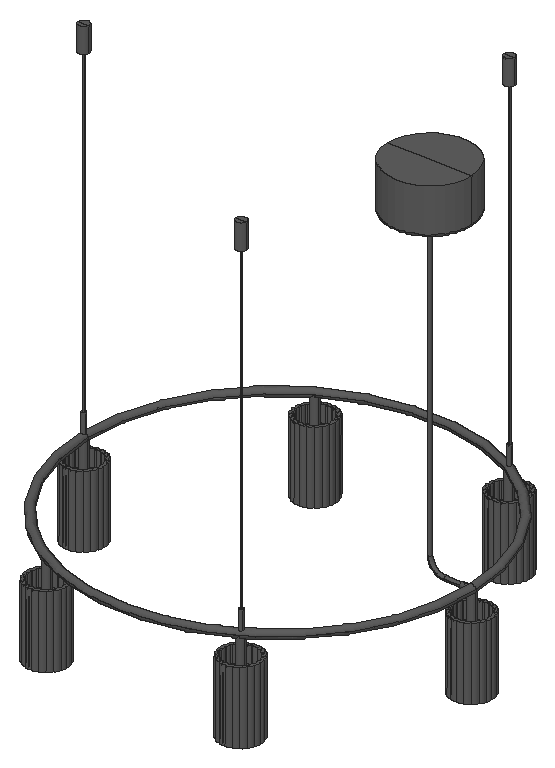
Revit family "Lighting_Pendants_Pholc_Donna_Circle-600", category Lighting Fixtures, host Ceiling, Revit 2017
Family settings
  Host = Ceiling
  Round Connector Dimension = Use Diameter
  Part Type = Normal
  Always vertical = Yes
  Cut with Voids When Loaded = No
  Light Source = No
  Shared = No
  Room Calculation Point = No
Parameters (values of type "Donna Pendant Circle 600 - Black Ink")
  Wattage Comments = ""
  WarrantyStartDate = "n/a"
  WarrantyGuarantorParts = "n/a"
  WarrantyGuarantorLabor = "n/a"
  WarrantyDurationUnit = "Years"
  WarrantyDurationParts = "n/a"
  WarrantyDurationLabor = "n/a"
  WarrantyDescription = "n/a"
  VersionDate = "21/04/2020"  # constant formula
  Version = "1"  # constant formula
  UsageCurrent = 0 A
  Uniclass2015Reference = "Pr_70_70_48_86"
  Uniclass2015Description = "Suspended luminaires"
  Uniclass2 = "Pr_70_70_49_86"
  URL = "https://www.pholc.se/our-products/donna-circle-60/"
  TotalWattage = 7 W
  TagNumber [instance] = "n/a"
  SustainabilityPerformance = "n/a"
  Size = "600x600x140 mm"
  Shape = "Sculptured"
  SerialNumber [instance] = "n/a"
  Revision = "n/a"
  ReplacementCost = "n/a"
  ProductInformation = "The Donna pendant lamp projects the feeling of a soft pleated textile, although it’s actually made from thin, light aluminium."
  PhaseReference = "n/a"
  PhaseAngle = 0.00°
  NumberOfSources = 1
  NumberOfPoles = 1
  NominalVoltageCalc = 230 V
  NominalVoltage = 230 V
  NominalLength = 663.361 mm
  NominalHeight [instance] = 214 mm + CableLengthControl  # 714 mm
  NominalFrequencyRange = 0 Hz
  NominalDepth = 612.001 mm
  NominalCurrent = 0 A
  Name = "Pholc_Donna_Circle-600"
  NBSReference = "90-60-50/405"
  NBSDescription = "General purpose luminaires"
  ModelReference = ArticleNumber  # "963165"
  ModelNumber = "n/a"
  Model = "Donna Pendant Circle 600 - Black Ink"
  Material = "Aluminium & textile"
  ManufacturersSpecificInformation = "n/a"
  ManufacturerURL = "www.pholc.se/"
  ManufacturerName = "Pholc"
  Manufacturer = "Pholc"
  MaintenanceFactor = 0
  LightFixturePlacingType = "Ceilling"
  LightFixtureMountingType = "Suspended"
  LightFixtureMainMaterial = Black ink
  Lamp = ""
  InsulationStandardClass = "Class II"
  InstallationDate = "n/a"
  IfcExportType = "NOTDEFINED"  # constant formula
  IfcExportAs = "IfcLightFixtureType"  # constant formula
  IP_Code = "IP 20"
  HasProtectiveEarth = no
  Grade = "n/a"
  Finish = "n/a"
  Features = "Textile cable. Cable length 500 cm. Socket GU10."
  ExpectedLife = "n/a"
  ElectricalDeviceNominalPower = 7 W
  DurationUnit = "Hours"
  Designer = "Nina Jobs & Stina Sandwall"
  Description = "The Donna pendant lamp projects the feeling of a soft pleated textile, although it’s actually made from thin, light aluminium. Its form is inspired by the chic fabrics used in high fashion and the challenges of creating this softness using a hard material instead of a textile. A beautiful and versatile piece with an expressive personality; equally at home in all environments. For larger spaces the Donna Line and Donna Circle can be selected in four, six or eight lamp variants, casting a warm direct light downwards."
  DefaultElevation = 0 mm
  ConvergoRefNr = "0103-1912-0003-SE"
  Constituents = "n/a"
  Color = "Black Ink"
  Collection = "Donna"
  built-in parameter 1114216 [instance] = (empty or 0)
  CodePerformance = "n/a"
  Category = "Pendant"
  CableLengthControl [instance] = if(CableLength < 200 mm, 200 mm, if(CableLength > 5000 mm, 5000 mm, CableLength))  # 500 mm
  CableLength [instance] = 500 mm
  Brand = "Pholc"
  Barcode [instance] = "n/a"
  BIMObjectName = "Lighting_Pendants_Pholc_Donna_Circle-600"
  Author = "Convergo AB"  # constant formula
  AssetType = "Fixed"
  AssetIdentifier [instance] = "n/a"
  ArticleNumber = "963165"
  Apparent Load = 0 VA
  AccessibilityPerformance = "n/a"
Reference planes
  plane 1 "Center (Front/Back)": y = 0
  plane 2: z = 0
  plane 3 "Center (Left/Right)": x = 0
  plane 4 "Ceiling": z = 4000
  plane 5: x = -331.681
  plane 6: x = 331.681
  plane 7: y = 306.001
  plane 8: y = -306.001
  plane 9: z = 3286
Dimensions and locks
  equal spacing: host sketch curve, plane 3 "Center (Left/Right)", host sketch curve
  equal spacing: host sketch curve, plane 1 "Center (Front/Back)", host sketch curve
  host sketch curve to host sketch curve = 4000 mm  (x2)
  plane 4 "Ceiling" to host ceiling = 0 mm
  equal spacing: plane 5, plane 3 "Center (Left/Right)", plane 6
  "NominalLength": plane 5 to plane 6
  equal spacing: plane 7, plane 1 "Center (Front/Back)", plane 8
  "NominalDepth": plane 7 to plane 8
  "NominalHeight": plane 9 to plane 4 "Ceiling"
  aligned and locked: nested 1 to plane 3 "Center (Left/Right)"
  aligned and locked: nested 1 to plane 1 "Center (Front/Back)"
  aligned and locked: nested 1 to plane 4 "Ceiling"
Nested families
  nested 1: "Donna_Circle_600" at (0, 0, 3286), CableLength <- "CableLengthControl", Metal <- "LightFixtureMainMaterial", Cable <- "LightFixtureMainMaterial", type "Donna_Circle_600"
    with Metal Black ink, CableLength 500 mm, Cable Black ink
Connectors
  electrical at (235, 0, 4000), driven by "NominalVoltage"
    settings: on nested 1, index 1, voltage 230 V, apparent load 0 VA, apparent load phase1 0 VA, apparent load phase2 0 VA, apparent load phase3 0 VA, power factor 1, load classification "Other", number of poles 1, system type 31, power factor state 1, is connector primary yes, connector utility no, sub classification motor no, connector description ""
Definition of nested family "Donna_Circle_600"
  Parameters (values of type "Donna_Circle_600")
    Metal [instance] = none
    CableLength [instance] = 500 mm
    Cable [instance] = none
  Reference planes
    plane 1 "Center (Front/Back)": y = 0
    plane 2: z = 0
    plane 3 "Center (Left/Right)": x = 0
    plane 4: z = 714
    plane 5: z = 676
    plane 6: z = 644
    plane 7: z = 176
    plane 8: x = -331.681
    plane 9: x = 331.681
    plane 10: y = 306.001
    plane 11: y = -306.001
  Forms (mm)
    Revolve 1, solid, material <- "Metal", detail levels medium+fine
      sketch origin (0, 0, 0) x (1, 0, 0) y (0, 0, 1)
        loop
          line (-308, 714) -> (-308, 676) -> (-300, 676) -> (-300, 714) -> (-308, 714)
        loop
          line (-303, 176) -> (-303, 141) -> (-300, 141) -> (-300, 176) -> (-303, 176)
        axis (-300, 141) -> (-300, 714)
      angle from 0 to 360
    Revolve 2, solid, material <- "Metal", detail levels medium+fine
      sketch origin (450.902, 259.285, 0) x (1, 0, 0) y (0, 0, 1)
        loop
          line (-308, 714) -> (-308, 676) -> (-300, 676) -> (-300, 714) -> (-308, 714)
        loop
          line (-300, 176) -> (-303, 176) -> (-303, 141) -> (-300, 141) -> (-300, 176)
        axis (-300, 141) -> (-300, 714)
      angle from 0 to 360
    Revolve 3, solid, material <- "Metal", detail levels medium+fine
      sketch origin (450.902, -259.285, 0) x (1, 0, 0) y (0, 0, 1)
        loop
          line (-308, 714) -> (-308, 676) -> (-300, 676) -> (-300, 714) -> (-308, 714)
        loop
          line (-303, 176) -> (-303, 141) -> (-300, 141) -> (-300, 176) -> (-303, 176)
        axis (-300, 141) -> (-300, 714)
      angle from 0 to 360
    Revolve 4, solid, material <- "Metal", detail levels medium+fine
      sketch origin (0, 0, 0) x (1, 0, 0) y (0, 0, 1)
        loop
          line (170, 714) -> (170, 646)
          arc (170, 646) -> (170.586, 644.586) -> (172, 644) r 2
          line (172, 644) -> (235, 644) -> (235, 714) -> (170, 714)
        axis (235, 714) -> (235, 644)
      angle from 0 to 360
    Revolve 5, solid, material <- "Metal", detail levels medium+fine
      sketch origin (0, 0, 0) x (1, 0, 0) y (0, 0, 1)
        loop
          circle (-300, 142) r 6.001
        axis (0, 142) -> (0, 141)
      angle from 0 to 360
    Sweep 6, solid, material <- "Cable", detail levels medium+fine
      path origin (0, 0, 0) x (1, 0, 0) y (0, 0, 1)
        loop
          line (235, 676) -> (235, 167)
          arc (235, 167) -> (242.322, 149.322) -> (260, 142) r 25
          line (260, 142) -> (290, 142)
      profile origin (235, 0, 421.5) x (0, -1, 0) y (1, 0, 0)
        loop
          circle (0, 0) r 3
    Revolve 7, solid, material <- "Metal", detail levels medium+fine
      sketch origin (0, 0, 0) x (1, 0, 0) y (0, 0, 1)
        loop
          line (285, 146.286) -> (285, 142) -> (300, 142) -> (300, 146.286) -> (285, 146.286)
        axis (285, 142) -> (300, 142)
      angle from 0 to 360
    Sweep 8, solid, material <- "Cable", detail levels medium+fine
      path origin (0, 0, 0) x (1, 0, 0) y (0, 0, 1)
        loop
          line (0, 176) -> (0, 676)
      profile origin (0, 0, 426) x (-1, 0, 0) y (0, -1, 0)
        loop
          circle (-150.902, -259.285) r 1
        loop
          circle (300, 0) r 1
        loop
          circle (-150.902, 259.285) r 1
    Extrusion 9, solid, material <- "Metal", detail levels coarse
      sketch origin (0, 0, 0) x (1, 0, 0) y (0, 1, 0)
        loop
          line (-331.681, 306.001) -> (-331.681, -306.001) -> (331.681, -306.001) -> (331.681, 306.001) -> (-331.681, 306.001)
      from 0 to 714
  Cuts and joins
    joined: Revolve 1, Revolve 2, Revolve 3, Revolve 5, Revolve 7
  Lines and regions (mm)
    symbolic lines, detail levels medium+fine
      curve 1: arc (-178.999, 248.184, 0) -> (-264.815, 153.326, 0) -> (-304.356, 31.675, 0) r 306
      curve 3: arc (-159.173, 287.816, 0) -> (-164.431, 287.799, 0) -> (-167.536, 283.555, 0) r 5.828
      curve 4: arc (-167.536, 283.555, 0) -> (-172.531, 281.914, 0) -> (-174.173, 276.918, 0) r 5.828
      curve 5: arc (-174.173, 276.918, 0) -> (-178.417, 273.814, 0) -> (-178.434, 268.555, 0) r 5.828
      curve 6: arc (-178.434, 268.555, 0) -> (-181.511, 264.291, 0) -> (-179.902, 259.285, 0) r 5.828
      curve 7: arc (-179.902, 259.285, 0) -> (-181.511, 254.278, 0) -> (-178.434, 250.014, 0) r 5.828
      curve 8: arc (-178.434, 250.014, 0) -> (-178.792, 249.122, 0) -> (-178.999, 248.184, 0) r 5.828
      curve 18: arc (-125.691, 278.994, 0) -> (-128.073, 282.583, 0) -> (-132.268, 283.555, 0) r 5.828
      curve 19: arc (-132.268, 283.555, 0) -> (-135.373, 287.799, 0) -> (-140.632, 287.816, 0) r 5.828
      curve 20: arc (-140.632, 287.816, 0) -> (-144.896, 290.894, 0) -> (-149.902, 289.285, 0) r 5.828
      curve 21: arc (-149.902, 289.285, 0) -> (-154.908, 290.894, 0) -> (-159.173, 287.816, 0) r 5.828
      curve 61: arc (159.173, 287.816, 0) -> (164.431, 287.799, 0) -> (167.536, 283.555, 0) r 5.828
      curve 62: arc (167.536, 283.555, 0) -> (172.531, 281.914, 0) -> (174.173, 276.918, 0) r 5.828
      curve 63: arc (174.173, 276.918, 0) -> (178.417, 273.814, 0) -> (178.434, 268.555, 0) r 5.828
      curve 64: arc (178.434, 268.555, 0) -> (181.511, 264.291, 0) -> (179.902, 259.285, 0) r 5.828
      curve 65: arc (179.902, 259.285, 0) -> (181.511, 254.278, 0) -> (178.434, 250.014, 0) r 5.828
      curve 66: arc (178.434, 250.014, 0) -> (178.792, 249.122, 0) -> (178.999, 248.184, 0) r 5.828
      curve 76: arc (125.691, 278.994, 0) -> (128.073, 282.583, 0) -> (132.268, 283.555, 0) r 5.828
      curve 77: arc (132.268, 283.555, 0) -> (135.373, 287.799, 0) -> (140.632, 287.816, 0) r 5.828
      curve 78: arc (140.632, 287.816, 0) -> (144.896, 290.894, 0) -> (149.902, 289.285, 0) r 5.828
      curve 79: arc (149.902, 289.285, 0) -> (154.908, 290.894, 0) -> (159.173, 287.816, 0) r 5.828
      curve 117: arc (125.691, 278.994, 0) -> (0, 306, 0) -> (-125.691, 278.994, 0) r 306
      curve 121: arc (-159.173, -287.816, 0) -> (-164.431, -287.799, 0) -> (-167.536, -283.555, 0) r 5.828
      curve 122: arc (-167.536, -283.555, 0) -> (-172.531, -281.914, 0) -> (-174.173, -276.918, 0) r 5.828
      curve 123: arc (-174.173, -276.918, 0) -> (-178.417, -273.814, 0) -> (-178.434, -268.555, 0) r 5.828
      curve 124: arc (-178.434, -268.555, 0) -> (-181.511, -264.291, 0) -> (-179.902, -259.285, 0) r 5.828
      curve 125: arc (-179.902, -259.285, 0) -> (-181.511, -254.278, 0) -> (-178.434, -250.014, 0) r 5.828
      curve 126: arc (-178.434, -250.014, 0) -> (-178.792, -249.122, 0) -> (-178.999, -248.184, 0) r 5.828
      curve 136: arc (-125.691, -278.994, 0) -> (-128.073, -282.583, 0) -> (-132.268, -283.555, 0) r 5.828
      curve 137: arc (-132.268, -283.555, 0) -> (-135.373, -287.799, 0) -> (-140.632, -287.816, 0) r 5.828
      curve 138: arc (-140.632, -287.816, 0) -> (-144.896, -290.894, 0) -> (-149.902, -289.285, 0) r 5.828
      curve 139: arc (-149.902, -289.285, 0) -> (-154.908, -290.894, 0) -> (-159.173, -287.816, 0) r 5.828
      curve 177: arc (159.173, -287.816, 0) -> (164.431, -287.799, 0) -> (167.536, -283.555, 0) r 5.828
      curve 178: arc (167.536, -283.555, 0) -> (172.531, -281.914, 0) -> (174.173, -276.918, 0) r 5.828
      curve 179: arc (174.173, -276.918, 0) -> (178.417, -273.814, 0) -> (178.434, -268.555, 0) r 5.828
      curve 180: arc (178.434, -268.555, 0) -> (181.511, -264.291, 0) -> (179.902, -259.285, 0) r 5.828
      curve 181: arc (179.902, -259.285, 0) -> (181.511, -254.278, 0) -> (178.434, -250.014, 0) r 5.828
      curve 182: arc (178.434, -250.014, 0) -> (178.792, -249.122, 0) -> (178.999, -248.184, 0) r 5.828
      curve 192: arc (125.691, -278.994, 0) -> (128.073, -282.583, 0) -> (132.268, -283.555, 0) r 5.828
      curve 193: arc (132.268, -283.555, 0) -> (135.373, -287.799, 0) -> (140.632, -287.816, 0) r 5.828
      curve 194: arc (140.632, -287.816, 0) -> (144.896, -290.894, 0) -> (149.902, -289.285, 0) r 5.828
      curve 195: arc (149.902, -289.285, 0) -> (154.908, -290.894, 0) -> (159.173, -287.816, 0) r 5.828
      curve 235: arc (-125.691, -278.994, 0) -> (0, -306, 0) -> (125.691, -278.994, 0) r 306
      curve 239: arc (178.999, -248.184, 0) -> (264.815, -153.326, 0) -> (304.356, -31.675, 0) r 306
      curve 241: arc (-317.634, 24.271, 0) -> (-322.629, 22.629, 0) -> (-324.271, 17.634, 0) r 5.828
      curve 242: arc (-324.271, 17.634, 0) -> (-328.515, 14.529, 0) -> (-328.532, 9.271, 0) r 5.828
      curve 243: arc (-328.532, 9.271, 0) -> (-331.609, 5.006, 0) -> (-330, 0, 0) r 5.828
      curve 244: arc (-330, 0, 0) -> (-331.609, -5.006, 0) -> (-328.532, -9.271, 0) r 5.828
      curve 245: arc (-328.532, -9.271, 0) -> (-328.515, -14.529, 0) -> (-324.271, -17.634, 0) r 5.828
      curve 246: arc (-324.271, -17.634, 0) -> (-322.629, -22.629, 0) -> (-317.634, -24.271, 0) r 5.828
      curve 247: arc (-317.634, -24.271, 0) -> (-314.529, -28.515, 0) -> (-309.271, -28.532, 0) r 5.828
      curve 248: arc (-309.271, -28.532, 0) -> (-307.235, -30.762, 0) -> (-304.356, -31.675, 0) r 5.828
      curve 259: arc (-304.356, 31.675, 0) -> (-307.235, 30.762, 0) -> (-309.271, 28.532, 0) r 5.828
      curve 260: arc (-309.271, 28.532, 0) -> (-314.529, 28.515, 0) -> (-317.634, 24.271, 0) r 5.828
      curve 297: arc (317.634, 24.271, 0) -> (322.629, 22.629, 0) -> (324.271, 17.634, 0) r 5.828
      curve 298: arc (324.271, 17.634, 0) -> (328.515, 14.529, 0) -> (328.532, 9.271, 0) r 5.828
      curve 299: arc (328.532, 9.271, 0) -> (331.609, 5.006, 0) -> (330, 0, 0) r 5.828
      curve 300: arc (330, 0, 0) -> (331.609, -5.006, 0) -> (328.532, -9.271, 0) r 5.828
      curve 301: arc (328.532, -9.271, 0) -> (328.515, -14.529, 0) -> (324.271, -17.634, 0) r 5.828
      curve 302: arc (324.271, -17.634, 0) -> (322.629, -22.629, 0) -> (317.634, -24.271, 0) r 5.828
      curve 303: arc (317.634, -24.271, 0) -> (314.529, -28.515, 0) -> (309.271, -28.532, 0) r 5.828
      curve 304: arc (309.271, -28.532, 0) -> (307.235, -30.762, 0) -> (304.356, -31.675, 0) r 5.828
      curve 305: arc (304.356, 31.675, 0) -> (307.235, 30.762, 0) -> (309.271, 28.532, 0) r 5.828
      curve 306: arc (309.271, 28.532, 0) -> (314.529, 28.515, 0) -> (317.634, 24.271, 0) r 5.828
      curve 328: arc (-304.356, -31.675, 0) -> (-264.815, -153.326, 0) -> (-178.999, -248.184, 0) r 306
      curve 330: arc (304.356, 31.675, 0) -> (264.815, 153.326, 0) -> (178.999, 248.184, 0) r 306
      curve 334: line (-331.681, 0, 111) -> (-331.681, 0, 0)
      curve 335: line (-331.681, 0, 0) -> (-268.319, 0, 0)
      curve 336: line (-268.319, 0, 0) -> (-268.319, 0, 111)
      curve 337: line (-306, 0, 142) -> (-306, 0, 111)
      curve 338: line (-294, 0, 135.999) -> (-294, 0, 111)
      curve 339: line (-268.319, 0, 111) -> (-294, 0, 111)
      curve 341: line (-306, 0, 111) -> (-331.681, 0, 111)
      curve 342: line (-181.583, 0, 111) -> (-181.583, 0, 0)
      curve 343: line (-181.583, 0, 0) -> (-118.221, 0, 0)
      curve 344: line (-118.221, 0, 0) -> (-118.221, 0, 111)
      curve 345: line (-155.902, 0, 135.999) -> (-155.902, 0, 111)
      curve 346: line (-143.902, 0, 135.999) -> (-143.902, 0, 111)
      curve 347: line (-118.221, 0, 111) -> (-143.902, 0, 111)
      curve 349: line (-155.902, 0, 111) -> (-181.583, 0, 111)
      curve 350: line (119.221, 0, 111) -> (119.221, 0, 0)
      curve 351: line (119.221, 0, 0) -> (182.583, 0, 0)
      curve 352: line (182.583, 0, 0) -> (182.583, 0, 111)
      curve 353: line (144.902, 0, 135.999) -> (144.902, 0, 111)
      curve 354: line (156.902, 0, 135.999) -> (156.902, 0, 111)
      curve 355: line (182.583, 0, 111) -> (156.902, 0, 111)
      curve 357: line (144.902, 0, 111) -> (119.221, 0, 111)
      curve 358: line (268.319, 0, 111) -> (268.319, 0, 0)
      curve 359: line (268.319, 0, 0) -> (331.681, 0, 0)
      curve 360: line (331.681, 0, 0) -> (331.681, 0, 111)
      curve 361: line (294, 0, 135.999) -> (294, 0, 111)
      curve 362: line (331.681, 0, 111) -> (306, 0, 111)
      curve 364: line (294, 0, 111) -> (268.319, 0, 111)
      curve 366: line (144.902, 0, 135.999) -> (-143.902, 0, 135.999)
      curve 368: arc (-306, 0, 142) -> (-305.196, 0, 145) -> (-303, 0, 147.197) r 6.001
      curve 369: line (-303, 0, 176) -> (-303, 0, 147.197)
      curve 370: line (-303, 0, 176) -> (-301, 0, 176)
      curve 371: line (-297, 0, 176) -> (-297, 0, 148.001)
      curve 373: line (-297, 0, 176) -> (-299, 0, 176)
      curve 374: line (-155.902, 0, 135.999) -> (-294, 0, 135.999)
      curve 377: line (-297, 0, 148.001) -> (147.902, 0, 148.001)
      curve 380: line (156.902, 0, 135.999) -> (294, 0, 135.999)
      curve 381: line (-301, 0, 176) -> (-301, 0, 676)
      curve 382: line (-299, 0, 176) -> (-299, 0, 676)
      curve 383: line (147.902, 0, 176) -> (147.902, 0, 148.001)
      curve 384: line (147.902, 0, 176) -> (149.902, 0, 176)
      curve 385: line (153.902, 0, 176) -> (153.902, 0, 148.001)
      curve 387: line (153.902, 0, 176) -> (151.902, 0, 176)
      curve 388: line (149.902, 0, 176) -> (149.902, 0, 676)
      curve 389: line (151.902, 0, 176) -> (151.902, 0, 676)
      curve 391: line (153.902, 0, 148.001) -> (239.432, 0, 148.001)
      curve 393: arc (299.999, 0, 148.001) -> (304.242, 0, 146.243) -> (306, 0, 142) r 6.001
      curve 394: line (306, 0, 111) -> (306, 0, 142)
      curve 396: line (-308, 0, 714) -> (-308, 0, 676)
      curve 397: line (-308, 0, 714) -> (-292, 0, 714)
      curve 398: line (-292, 0, 714) -> (-292, 0, 676)
      curve 399: line (-308, 0, 676) -> (-301, 0, 676)
      curve 401: line (-299, 0, 676) -> (-292, 0, 676)
      curve 402: line (142.902, 0, 714) -> (142.902, 0, 676)
      curve 403: line (142.902, 0, 714) -> (158.902, 0, 714)
      curve 404: line (158.902, 0, 714) -> (158.902, 0, 676)
      curve 405: line (142.902, 0, 676) -> (149.902, 0, 676)
      curve 407: line (151.902, 0, 676) -> (158.902, 0, 676)
      curve 408: line (170, 0, 714) -> (170, 0, 646)
      curve 409: arc (170, 0, 646) -> (170.586, 0, 644.586) -> (172, 0, 644) r 2
      curve 410: line (172, 0, 644) -> (232, 0, 644)
      curve 411: line (300, 0, 714) -> (300, 0, 646)
      curve 412: arc (300, 0, 646) -> (299.414, 0, 644.586) -> (298, 0, 644) r 2
      curve 413: line (232, 0, 644) -> (232, 0, 167)
      curve 414: line (238, 0, 644) -> (238, 0, 167)
      curve 415: line (170, 0, 714) -> (300, 0, 714)
      curve 416: line (298, 0, 644) -> (238, 0, 644)
      curve 418: arc (248.908, 0, 148.001) -> (240.921, 0, 156.046) -> (238, 0, 167) r 22
      curve 419: arc (239.432, 0, 148.001) -> (233.924, 0, 156.799) -> (232, 0, 167) r 28
      curve 420: line (248.908, 0, 148.001) -> (299.999, 0, 148.001)
      curve 422: line (0, 265.285, 111) -> (0, 290.965, 111)
      curve 423: line (0, 290.965, 111) -> (0, 290.965, 0)
      curve 424: line (0, 290.965, 0) -> (0, 227.604, 0)
      curve 425: line (0, 227.604, 0) -> (0, 227.604, 111)
      curve 426: line (0, 265.285, 135.999) -> (0, 265.285, 111)
      curve 428: line (0, 253.285, 111) -> (0, 227.604, 111)
      curve 429: line (0, 253.285, 135.999) -> (0, 253.285, 111)
      curve 430: line (0, 6, 111) -> (0, 31.681, 111)
      curve 431: line (0, 31.681, 111) -> (0, 31.681, 0)
      curve 432: line (0, 31.681, 0) -> (0, -31.681, 0)
      curve 433: line (0, -31.681, 0) -> (0, -31.681, 111)
      curve 434: line (0, 6, 135.999) -> (0, 6, 111)
      curve 436: line (0, -6, 111) -> (0, -31.681, 111)
      curve 437: line (0, -6, 135.999) -> (0, -6, 111)
      curve 438: line (0, -253.285, 111) -> (0, -227.604, 111)
      curve 439: line (0, -227.604, 111) -> (0, -227.604, 0)
      curve 440: line (0, -227.604, 0) -> (0, -290.965, 0)
      curve 441: line (0, -290.965, 0) -> (0, -290.965, 111)
      curve 442: line (0, -253.285, 135.999) -> (0, -253.285, 111)
      curve 444: line (0, -265.285, 111) -> (0, -290.965, 111)
      curve 445: line (0, -265.285, 135.999) -> (0, -265.285, 111)
      curve 446: arc (0, 300, 135.999) -> (0, 306.001, 142) -> (0, 300, 148.001) r 6.001
      curve 447: line (0, 300, 135.999) -> (0, 265.285, 135.999)
      curve 448: line (0, 300, 148.001) -> (0, 262.285, 148.001)
      curve 449: line (0, 262.285, 176) -> (0, 262.285, 148.001)
      curve 450: line (0, 262.285, 176) -> (0, 260.285, 176)
      curve 451: line (0, 256.285, 176) -> (0, 256.285, 148.001)
      curve 452: arc (0, -300, 135.999) -> (0, -306.001, 142) -> (0, -300, 148.001) r 6.001
      curve 453: line (0, -265.285, 135.999) -> (0, -300, 135.999)
      curve 455: line (0, -6, 135.999) -> (0, -253.285, 135.999)
      curve 457: line (0, 253.285, 135.999) -> (0, 6, 135.999)
      curve 460: line (0, 3, 176) -> (0, 3, 148.001)
      curve 461: line (0, -3, 176) -> (0, -3, 148.001)
      curve 463: line (0, -3, 148.001) -> (0, -256.285, 148.001)
      curve 464: line (0, -258.285, 176) -> (0, -256.285, 176)
      curve 465: line (0, -256.285, 176) -> (0, -256.285, 148.001)
      curve 466: line (0, -262.285, 176) -> (0, -262.285, 148.001)
      curve 467: line (0, -262.285, 148.001) -> (0, -300, 148.001)
      curve 469: line (0, 260.285, 176) -> (0, 260.285, 676)
      curve 470: line (0, 258.285, 176) -> (0, 258.285, 676)
      curve 471: line (0, 258.285, 176) -> (0, 256.285, 176)
      curve 473: line (0, 3, 176) -> (0, 3, 644)
      curve 474: line (0, -3, 176) -> (0, -3, 644)
      curve 477: line (0, 267.285, 714) -> (0, 267.285, 676)
      curve 478: line (0, 267.285, 714) -> (0, 251.285, 714)
      curve 479: line (0, 251.285, 714) -> (0, 251.285, 676)
      curve 480: line (0, 251.285, 676) -> (0, 258.285, 676)
      curve 482: line (0, 260.285, 676) -> (0, 267.285, 676)
      curve 484: line (0, -260.285, 176) -> (0, -262.285, 176)
      curve 485: line (0, -258.285, 176) -> (0, -258.285, 676)
      curve 486: line (0, -260.285, 176) -> (0, -260.285, 676)
      curve 487: line (0, -267.285, 714) -> (0, -251.285, 714)
      curve 488: line (0, -251.285, 714) -> (0, -251.285, 676)
      curve 489: line (0, -251.285, 676) -> (0, -258.285, 676)
      curve 490: line (0, -267.285, 714) -> (0, -267.285, 676)
      curve 491: line (0, -267.285, 676) -> (0, -260.285, 676)
      curve 493: line (0, 65, 714) -> (0, 65, 646)
      curve 494: line (0, 65, 714) -> (0, -65, 714)
      curve 495: line (0, -65, 714) -> (0, -65, 646)
      curve 496: line (0, 63, 644) -> (0, 3, 644)
      curve 497: line (0, -63, 644) -> (0, -3, 644)
      curve 498: arc (0, 65, 646) -> (0, 64.414, 644.586) -> (0, 63, 644) r 2
      curve 499: arc (0, -65, 646) -> (0, -64.414, 644.586) -> (0, -63, 644) r 2
      curve 501: line (0, 256.285, 148.001) -> (0, 3, 148.001)
    symbolic lines, detail levels fine
      curve 2: arc (-173.25, 237.53, 0) -> (-254.802, 146.67, 0) -> (-292.412, 30.517, 0) r 294
      curve 9: arc (-173.25, 237.53, 0) -> (-170.758, 235.442, 0) -> (-167.536, 235.014, 0) r 5.828
      curve 10: arc (-167.536, 235.014, 0) -> (-164.431, 230.77, 0) -> (-159.173, 230.753, 0) r 5.828
      curve 11: arc (-159.173, 230.753, 0) -> (-154.908, 227.676, 0) -> (-149.902, 229.285, 0) r 5.828
      curve 12: arc (-149.902, 229.285, 0) -> (-144.896, 227.676, 0) -> (-140.632, 230.753, 0) r 5.828
      curve 13: arc (-140.632, 230.753, 0) -> (-135.373, 230.77, 0) -> (-132.268, 235.014, 0) r 5.828
      curve 14: arc (-132.268, 235.014, 0) -> (-127.273, 236.655, 0) -> (-125.632, 241.651, 0) r 5.828
      curve 15: arc (-125.632, 241.651, 0) -> (-121.387, 244.756, 0) -> (-121.37, 250.014, 0) r 5.828
      curve 16: arc (-121.37, 250.014, 0) -> (-118.293, 254.278, 0) -> (-119.902, 259.285, 0) r 5.828
      curve 17: arc (-119.902, 259.285, 0) -> (-118.242, 263.866, 0) -> (-120.642, 268.107, 0) r 5.828
      curve 22: arc (-163.589, 282.904, 0) -> (-162.615, 284.235, 0) -> (-160.965, 284.241, 0) r 1.828
      curve 23: arc (-160.965, 284.241, 0) -> (-157.936, 284.012, 0) -> (-155.62, 285.978, 0) r 4
      curve 24: arc (-155.62, 285.978, 0) -> (-154.283, 286.943, 0) -> (-152.712, 286.438, 0) r 1.828
      curve 25: arc (-152.712, 286.438, 0) -> (-149.902, 285.285, 0) -> (-147.092, 286.438, 0) r 4
      curve 26: arc (-147.092, 286.438, 0) -> (-145.521, 286.943, 0) -> (-144.184, 285.978, 0) r 1.828
      curve 27: arc (-144.184, 285.978, 0) -> (-141.868, 284.012, 0) -> (-138.839, 284.241, 0) r 4
      curve 28: arc (-138.839, 284.241, 0) -> (-137.189, 284.235, 0) -> (-136.215, 282.904, 0) r 1.828
      curve 29: arc (-136.215, 282.904, 0) -> (-134.62, 280.319, 0) -> (-131.668, 279.601, 0) r 4
      curve 30: arc (-131.668, 279.601, 0) -> (-130.101, 279.086, 0) -> (-129.586, 277.519, 0) r 1.828
      curve 31: arc (-129.586, 277.519, 0) -> (-129.608, 277.354, 0) -> (-129.622, 277.19, 0) r 4
      curve 32: arc (-124.651, 266.267, 0) -> (-124.007, 265.547, 0) -> (-123.209, 265.003, 0) r 4
      curve 33: arc (-123.209, 265.003, 0) -> (-122.244, 263.665, 0) -> (-122.749, 262.095, 0) r 1.828
      curve 34: arc (-122.749, 262.095, 0) -> (-123.902, 259.285, 0) -> (-122.749, 256.475, 0) r 4
      curve 35: arc (-122.749, 256.475, 0) -> (-122.244, 254.904, 0) -> (-123.209, 253.566, 0) r 1.828
      curve 36: arc (-123.209, 253.566, 0) -> (-125.175, 251.25, 0) -> (-124.946, 248.221, 0) r 4
      curve 37: arc (-124.946, 248.221, 0) -> (-124.951, 246.572, 0) -> (-126.283, 245.598, 0) r 1.828
      curve 38: arc (-126.283, 245.598, 0) -> (-128.868, 244.002, 0) -> (-129.586, 241.051, 0) r 4
      curve 39: arc (-129.586, 241.051, 0) -> (-130.101, 239.484, 0) -> (-131.668, 238.969, 0) r 1.828
      curve 40: arc (-131.668, 238.969, 0) -> (-134.62, 238.25, 0) -> (-136.215, 235.665, 0) r 4
      curve 41: arc (-136.215, 235.665, 0) -> (-137.189, 234.334, 0) -> (-138.839, 234.329, 0) r 1.828
      curve 42: arc (-138.839, 234.329, 0) -> (-141.868, 234.557, 0) -> (-144.184, 232.592, 0) r 4
      curve 43: arc (-144.184, 232.592, 0) -> (-145.521, 231.627, 0) -> (-147.092, 232.131, 0) r 1.828
      curve 44: arc (-147.092, 232.131, 0) -> (-149.902, 233.285, 0) -> (-152.712, 232.131, 0) r 4
      curve 45: arc (-152.712, 232.131, 0) -> (-154.283, 231.627, 0) -> (-155.62, 232.592, 0) r 1.828
      curve 46: arc (-155.62, 232.592, 0) -> (-157.936, 234.557, 0) -> (-160.965, 234.329, 0) r 4
      curve 47: arc (-160.965, 234.329, 0) -> (-162.615, 234.334, 0) -> (-163.589, 235.665, 0) r 1.828
      curve 48: arc (-163.589, 235.665, 0) -> (-165.184, 238.25, 0) -> (-168.136, 238.969, 0) r 4
      curve 49: arc (-168.136, 238.969, 0) -> (-169.206, 239.13, 0) -> (-169.997, 239.869, 0) r 1.828
      curve 50: arc (-174.637, 251.273, 0) -> (-175.391, 252.611, 0) -> (-176.595, 253.566, 0) r 4
      curve 51: arc (-176.595, 253.566, 0) -> (-177.56, 254.904, 0) -> (-177.055, 256.475, 0) r 1.828
      curve 52: arc (-177.055, 256.475, 0) -> (-175.902, 259.285, 0) -> (-177.055, 262.095, 0) r 4
      curve 53: arc (-177.055, 262.095, 0) -> (-177.56, 263.665, 0) -> (-176.595, 265.003, 0) r 1.828
      curve 54: arc (-176.595, 265.003, 0) -> (-174.63, 267.319, 0) -> (-174.858, 270.348, 0) r 4
      curve 55: arc (-174.858, 270.348, 0) -> (-174.853, 271.998, 0) -> (-173.521, 272.972, 0) r 1.828
      curve 56: arc (-173.521, 272.972, 0) -> (-170.936, 274.567, 0) -> (-170.218, 277.519, 0) r 4
      curve 57: arc (-170.218, 277.519, 0) -> (-169.703, 279.086, 0) -> (-168.136, 279.601, 0) r 1.828
      curve 58: arc (-168.136, 279.601, 0) -> (-165.184, 280.319, 0) -> (-163.589, 282.904, 0) r 4
      curve 59: arc (-120.642, 268.107, 0) -> (-147.739, 254.183, 0) -> (-173.25, 237.53, 0) r 294
      curve 60: arc (-125.691, 278.994, 0) -> (-153.122, 264.933, 0) -> (-178.999, 248.184, 0) r 306
      curve 67: arc (173.25, 237.53, 0) -> (170.758, 235.442, 0) -> (167.536, 235.014, 0) r 5.828
      curve 68: arc (167.536, 235.014, 0) -> (164.431, 230.77, 0) -> (159.173, 230.753, 0) r 5.828
      curve 69: arc (159.173, 230.753, 0) -> (154.908, 227.676, 0) -> (149.902, 229.285, 0) r 5.828
      curve 70: arc (149.902, 229.285, 0) -> (144.896, 227.676, 0) -> (140.632, 230.753, 0) r 5.828
      curve 71: arc (140.632, 230.753, 0) -> (135.373, 230.77, 0) -> (132.268, 235.014, 0) r 5.828
      curve 72: arc (132.268, 235.014, 0) -> (127.273, 236.655, 0) -> (125.632, 241.651, 0) r 5.828
      curve 73: arc (125.632, 241.651, 0) -> (121.387, 244.756, 0) -> (121.37, 250.014, 0) r 5.828
      curve 74: arc (121.37, 250.014, 0) -> (118.293, 254.278, 0) -> (119.902, 259.285, 0) r 5.828
      curve 75: arc (119.902, 259.285, 0) -> (118.242, 263.866, 0) -> (120.642, 268.107, 0) r 5.828
      curve 80: arc (163.589, 282.904, 0) -> (162.615, 284.235, 0) -> (160.965, 284.241, 0) r 1.828
      curve 81: arc (160.965, 284.241, 0) -> (157.936, 284.012, 0) -> (155.62, 285.978, 0) r 4
      curve 82: arc (155.62, 285.978, 0) -> (154.283, 286.943, 0) -> (152.712, 286.438, 0) r 1.828
      curve 83: arc (152.712, 286.438, 0) -> (149.902, 285.285, 0) -> (147.092, 286.438, 0) r 4
      curve 84: arc (147.092, 286.438, 0) -> (145.521, 286.943, 0) -> (144.184, 285.978, 0) r 1.828
      curve 85: arc (144.184, 285.978, 0) -> (141.868, 284.012, 0) -> (138.839, 284.241, 0) r 4
      curve 86: arc (138.839, 284.241, 0) -> (137.189, 284.235, 0) -> (136.215, 282.904, 0) r 1.828
      curve 87: arc (136.215, 282.904, 0) -> (134.62, 280.319, 0) -> (131.668, 279.601, 0) r 4
      curve 88: arc (131.668, 279.601, 0) -> (130.101, 279.086, 0) -> (129.586, 277.519, 0) r 1.828
      curve 89: arc (129.586, 277.519, 0) -> (129.608, 277.354, 0) -> (129.622, 277.19, 0) r 4
      curve 90: arc (124.651, 266.267, 0) -> (124.007, 265.547, 0) -> (123.209, 265.003, 0) r 4
      curve 91: arc (123.209, 265.003, 0) -> (122.244, 263.665, 0) -> (122.749, 262.095, 0) r 1.828
      curve 92: arc (122.749, 262.095, 0) -> (123.902, 259.285, 0) -> (122.749, 256.475, 0) r 4
      curve 93: arc (122.749, 256.475, 0) -> (122.244, 254.904, 0) -> (123.209, 253.566, 0) r 1.828
      curve 94: arc (123.209, 253.566, 0) -> (125.175, 251.25, 0) -> (124.946, 248.221, 0) r 4
      curve 95: arc (124.946, 248.221, 0) -> (124.951, 246.572, 0) -> (126.283, 245.598, 0) r 1.828
      curve 96: arc (126.283, 245.598, 0) -> (128.868, 244.002, 0) -> (129.586, 241.051, 0) r 4
      curve 97: arc (129.586, 241.051, 0) -> (130.101, 239.484, 0) -> (131.668, 238.969, 0) r 1.828
      curve 98: arc (131.668, 238.969, 0) -> (134.62, 238.25, 0) -> (136.215, 235.665, 0) r 4
      curve 99: arc (136.215, 235.665, 0) -> (137.189, 234.334, 0) -> (138.839, 234.329, 0) r 1.828
      curve 100: arc (138.839, 234.329, 0) -> (141.868, 234.557, 0) -> (144.184, 232.592, 0) r 4
      curve 101: arc (144.184, 232.592, 0) -> (145.521, 231.627, 0) -> (147.092, 232.131, 0) r 1.828
      curve 102: arc (147.092, 232.131, 0) -> (149.902, 233.285, 0) -> (152.712, 232.131, 0) r 4
      curve 103: arc (152.712, 232.131, 0) -> (154.283, 231.627, 0) -> (155.62, 232.592, 0) r 1.828
      curve 104: arc (155.62, 232.592, 0) -> (157.936, 234.557, 0) -> (160.965, 234.329, 0) r 4
      curve 105: arc (160.965, 234.329, 0) -> (162.615, 234.334, 0) -> (163.589, 235.665, 0) r 1.828
      curve 106: arc (163.589, 235.665, 0) -> (165.184, 238.25, 0) -> (168.136, 238.969, 0) r 4
      curve 107: arc (168.136, 238.969, 0) -> (169.206, 239.13, 0) -> (169.997, 239.869, 0) r 1.828
      curve 108: arc (174.637, 251.273, 0) -> (175.391, 252.611, 0) -> (176.595, 253.566, 0) r 4
      curve 109: arc (176.595, 253.566, 0) -> (177.56, 254.904, 0) -> (177.055, 256.475, 0) r 1.828
      curve 110: arc (177.055, 256.475, 0) -> (175.902, 259.285, 0) -> (177.055, 262.095, 0) r 4
      curve 111: arc (177.055, 262.095, 0) -> (177.56, 263.665, 0) -> (176.595, 265.003, 0) r 1.828
      curve 112: arc (176.595, 265.003, 0) -> (174.63, 267.319, 0) -> (174.858, 270.348, 0) r 4
      curve 113: arc (174.858, 270.348, 0) -> (174.853, 271.998, 0) -> (173.521, 272.972, 0) r 1.828
      curve 114: arc (173.521, 272.972, 0) -> (170.936, 274.567, 0) -> (170.218, 277.519, 0) r 4
      curve 115: arc (170.218, 277.519, 0) -> (169.703, 279.086, 0) -> (168.136, 279.601, 0) r 1.828
      curve 116: arc (168.136, 279.601, 0) -> (165.184, 280.319, 0) -> (163.589, 282.904, 0) r 4
      curve 118: arc (120.642, 268.107, 0) -> (0, 294, 0) -> (-120.642, 268.107, 0) r 294
      curve 119: arc (173.25, 237.53, 0) -> (162.967, 244.699, 0) -> (152.388, 251.424, 0) r 294
      curve 120: arc (178.999, 248.184, 0) -> (168.893, 255.169, 0) -> (158.515, 261.742, 0) r 306
      curve 127: arc (-173.25, -237.53, 0) -> (-170.758, -235.442, 0) -> (-167.536, -235.014, 0) r 5.828
      curve 128: arc (-167.536, -235.014, 0) -> (-164.431, -230.77, 0) -> (-159.173, -230.753, 0) r 5.828
      curve 129: arc (-159.173, -230.753, 0) -> (-154.908, -227.676, 0) -> (-149.902, -229.285, 0) r 5.828
      curve 130: arc (-149.902, -229.285, 0) -> (-144.896, -227.676, 0) -> (-140.632, -230.753, 0) r 5.828
      curve 131: arc (-140.632, -230.753, 0) -> (-135.373, -230.77, 0) -> (-132.268, -235.014, 0) r 5.828
      curve 132: arc (-132.268, -235.014, 0) -> (-127.273, -236.655, 0) -> (-125.632, -241.651, 0) r 5.828
      curve 133: arc (-125.632, -241.651, 0) -> (-121.387, -244.756, 0) -> (-121.37, -250.014, 0) r 5.828
      curve 134: arc (-121.37, -250.014, 0) -> (-118.293, -254.278, 0) -> (-119.902, -259.285, 0) r 5.828
      curve 135: arc (-119.902, -259.285, 0) -> (-118.242, -263.866, 0) -> (-120.642, -268.107, 0) r 5.828
      curve 140: arc (-163.589, -282.904, 0) -> (-162.615, -284.235, 0) -> (-160.965, -284.241, 0) r 1.828
      curve 141: arc (-160.965, -284.241, 0) -> (-157.936, -284.012, 0) -> (-155.62, -285.978, 0) r 4
      curve 142: arc (-155.62, -285.978, 0) -> (-154.283, -286.943, 0) -> (-152.712, -286.438, 0) r 1.828
      curve 143: arc (-152.712, -286.438, 0) -> (-149.902, -285.285, 0) -> (-147.092, -286.438, 0) r 4
      curve 144: arc (-147.092, -286.438, 0) -> (-145.521, -286.943, 0) -> (-144.184, -285.978, 0) r 1.828
      curve 145: arc (-144.184, -285.978, 0) -> (-141.868, -284.012, 0) -> (-138.839, -284.241, 0) r 4
      curve 146: arc (-138.839, -284.241, 0) -> (-137.189, -284.235, 0) -> (-136.215, -282.904, 0) r 1.828
      curve 147: arc (-136.215, -282.904, 0) -> (-134.62, -280.319, 0) -> (-131.668, -279.601, 0) r 4
      curve 148: arc (-131.668, -279.601, 0) -> (-130.101, -279.086, 0) -> (-129.586, -277.519, 0) r 1.828
      curve 149: arc (-129.586, -277.519, 0) -> (-129.608, -277.354, 0) -> (-129.622, -277.19, 0) r 4
      curve 150: arc (-124.651, -266.267, 0) -> (-124.007, -265.547, 0) -> (-123.209, -265.003, 0) r 4
      curve 151: arc (-123.209, -265.003, 0) -> (-122.244, -263.665, 0) -> (-122.749, -262.095, 0) r 1.828
      curve 152: arc (-122.749, -262.095, 0) -> (-123.902, -259.285, 0) -> (-122.749, -256.475, 0) r 4
      curve 153: arc (-122.749, -256.475, 0) -> (-122.244, -254.904, 0) -> (-123.209, -253.566, 0) r 1.828
      curve 154: arc (-123.209, -253.566, 0) -> (-125.175, -251.25, 0) -> (-124.946, -248.221, 0) r 4
      curve 155: arc (-124.946, -248.221, 0) -> (-124.951, -246.572, 0) -> (-126.283, -245.598, 0) r 1.828
      curve 156: arc (-126.283, -245.598, 0) -> (-128.868, -244.002, 0) -> (-129.586, -241.051, 0) r 4
      curve 157: arc (-129.586, -241.051, 0) -> (-130.101, -239.484, 0) -> (-131.668, -238.969, 0) r 1.828
      curve 158: arc (-131.668, -238.969, 0) -> (-134.62, -238.25, 0) -> (-136.215, -235.665, 0) r 4
      curve 159: arc (-136.215, -235.665, 0) -> (-137.189, -234.334, 0) -> (-138.839, -234.329, 0) r 1.828
      curve 160: arc (-138.839, -234.329, 0) -> (-141.868, -234.557, 0) -> (-144.184, -232.592, 0) r 4
      curve 161: arc (-144.184, -232.592, 0) -> (-145.521, -231.627, 0) -> (-147.092, -232.131, 0) r 1.828
      curve 162: arc (-147.092, -232.131, 0) -> (-149.902, -233.285, 0) -> (-152.712, -232.131, 0) r 4
      curve 163: arc (-152.712, -232.131, 0) -> (-154.283, -231.627, 0) -> (-155.62, -232.592, 0) r 1.828
      curve 164: arc (-155.62, -232.592, 0) -> (-157.936, -234.557, 0) -> (-160.965, -234.329, 0) r 4
      curve 165: arc (-160.965, -234.329, 0) -> (-162.615, -234.334, 0) -> (-163.589, -235.665, 0) r 1.828
      curve 166: arc (-163.589, -235.665, 0) -> (-165.184, -238.25, 0) -> (-168.136, -238.969, 0) r 4
      curve 167: arc (-168.136, -238.969, 0) -> (-169.206, -239.13, 0) -> (-169.997, -239.869, 0) r 1.828
      curve 168: arc (-174.637, -251.273, 0) -> (-175.391, -252.611, 0) -> (-176.595, -253.566, 0) r 4
      curve 169: arc (-176.595, -253.566, 0) -> (-177.56, -254.904, 0) -> (-177.055, -256.475, 0) r 1.828
      curve 170: arc (-177.055, -256.475, 0) -> (-175.902, -259.285, 0) -> (-177.055, -262.095, 0) r 4
      curve 171: arc (-177.055, -262.095, 0) -> (-177.56, -263.665, 0) -> (-176.595, -265.003, 0) r 1.828
      curve 172: arc (-176.595, -265.003, 0) -> (-174.63, -267.319, 0) -> (-174.858, -270.348, 0) r 4
      curve 173: arc (-174.858, -270.348, 0) -> (-174.853, -271.998, 0) -> (-173.521, -272.972, 0) r 1.828
      curve 174: arc (-173.521, -272.972, 0) -> (-170.936, -274.567, 0) -> (-170.218, -277.519, 0) r 4
      curve 175: arc (-170.218, -277.519, 0) -> (-169.703, -279.086, 0) -> (-168.136, -279.601, 0) r 1.828
      curve 176: arc (-168.136, -279.601, 0) -> (-165.184, -280.319, 0) -> (-163.589, -282.904, 0) r 4
      curve 183: arc (173.25, -237.53, 0) -> (170.758, -235.442, 0) -> (167.536, -235.014, 0) r 5.828
      curve 184: arc (167.536, -235.014, 0) -> (164.431, -230.77, 0) -> (159.173, -230.753, 0) r 5.828
      curve 185: arc (159.173, -230.753, 0) -> (154.908, -227.676, 0) -> (149.902, -229.285, 0) r 5.828
      curve 186: arc (149.902, -229.285, 0) -> (144.896, -227.676, 0) -> (140.632, -230.753, 0) r 5.828
      curve 187: arc (140.632, -230.753, 0) -> (135.373, -230.77, 0) -> (132.268, -235.014, 0) r 5.828
      curve 188: arc (132.268, -235.014, 0) -> (127.273, -236.655, 0) -> (125.632, -241.651, 0) r 5.828
      curve 189: arc (125.632, -241.651, 0) -> (121.387, -244.756, 0) -> (121.37, -250.014, 0) r 5.828
      curve 190: arc (121.37, -250.014, 0) -> (118.293, -254.278, 0) -> (119.902, -259.285, 0) r 5.828
      curve 191: arc (119.902, -259.285, 0) -> (118.242, -263.866, 0) -> (120.642, -268.107, 0) r 5.828
      curve 196: arc (163.589, -282.904, 0) -> (162.615, -284.235, 0) -> (160.965, -284.241, 0) r 1.828
      curve 197: arc (160.965, -284.241, 0) -> (157.936, -284.012, 0) -> (155.62, -285.978, 0) r 4
      curve 198: arc (155.62, -285.978, 0) -> (154.283, -286.943, 0) -> (152.712, -286.438, 0) r 1.828
      curve 199: arc (152.712, -286.438, 0) -> (149.902, -285.285, 0) -> (147.092, -286.438, 0) r 4
      curve 200: arc (147.092, -286.438, 0) -> (145.521, -286.943, 0) -> (144.184, -285.978, 0) r 1.828
      curve 201: arc (144.184, -285.978, 0) -> (141.868, -284.012, 0) -> (138.839, -284.241, 0) r 4
      curve 202: arc (138.839, -284.241, 0) -> (137.189, -284.235, 0) -> (136.215, -282.904, 0) r 1.828
      curve 203: arc (136.215, -282.904, 0) -> (134.62, -280.319, 0) -> (131.668, -279.601, 0) r 4
      curve 204: arc (131.668, -279.601, 0) -> (130.101, -279.086, 0) -> (129.586, -277.519, 0) r 1.828
      curve 205: arc (129.586, -277.519, 0) -> (129.608, -277.354, 0) -> (129.622, -277.19, 0) r 4
      curve 206: arc (124.651, -266.267, 0) -> (124.007, -265.547, 0) -> (123.209, -265.003, 0) r 4
      curve 207: arc (123.209, -265.003, 0) -> (122.244, -263.665, 0) -> (122.749, -262.095, 0) r 1.828
      curve 208: arc (122.749, -262.095, 0) -> (123.902, -259.285, 0) -> (122.749, -256.475, 0) r 4
      curve 209: arc (122.749, -256.475, 0) -> (122.244, -254.904, 0) -> (123.209, -253.566, 0) r 1.828
      curve 210: arc (123.209, -253.566, 0) -> (125.175, -251.25, 0) -> (124.946, -248.221, 0) r 4
      curve 211: arc (124.946, -248.221, 0) -> (124.951, -246.572, 0) -> (126.283, -245.598, 0) r 1.828
      curve 212: arc (126.283, -245.598, 0) -> (128.868, -244.002, 0) -> (129.586, -241.051, 0) r 4
      curve 213: arc (129.586, -241.051, 0) -> (130.101, -239.484, 0) -> (131.668, -238.969, 0) r 1.828
      curve 214: arc (131.668, -238.969, 0) -> (134.62, -238.25, 0) -> (136.215, -235.665, 0) r 4
      curve 215: arc (136.215, -235.665, 0) -> (137.189, -234.334, 0) -> (138.839, -234.329, 0) r 1.828
      curve 216: arc (138.839, -234.329, 0) -> (141.868, -234.557, 0) -> (144.184, -232.592, 0) r 4
      curve 217: arc (144.184, -232.592, 0) -> (145.521, -231.627, 0) -> (147.092, -232.131, 0) r 1.828
      curve 218: arc (147.092, -232.131, 0) -> (149.902, -233.285, 0) -> (152.712, -232.131, 0) r 4
      curve 219: arc (152.712, -232.131, 0) -> (154.283, -231.627, 0) -> (155.62, -232.592, 0) r 1.828
      curve 220: arc (155.62, -232.592, 0) -> (157.936, -234.557, 0) -> (160.965, -234.329, 0) r 4
      curve 221: arc (160.965, -234.329, 0) -> (162.615, -234.334, 0) -> (163.589, -235.665, 0) r 1.828
      curve 222: arc (163.589, -235.665, 0) -> (165.184, -238.25, 0) -> (168.136, -238.969, 0) r 4
      curve 223: arc (168.136, -238.969, 0) -> (169.206, -239.13, 0) -> (169.997, -239.869, 0) r 1.828
      curve 224: arc (174.637, -251.273, 0) -> (175.391, -252.611, 0) -> (176.595, -253.566, 0) r 4
      curve 225: arc (176.595, -253.566, 0) -> (177.56, -254.904, 0) -> (177.055, -256.475, 0) r 1.828
      curve 226: arc (177.055, -256.475, 0) -> (175.902, -259.285, 0) -> (177.055, -262.095, 0) r 4
      curve 227: arc (177.055, -262.095, 0) -> (177.56, -263.665, 0) -> (176.595, -265.003, 0) r 1.828
      curve 228: arc (176.595, -265.003, 0) -> (174.63, -267.319, 0) -> (174.858, -270.348, 0) r 4
      curve 229: arc (174.858, -270.348, 0) -> (174.853, -271.998, 0) -> (173.521, -272.972, 0) r 1.828
      curve 230: arc (173.521, -272.972, 0) -> (170.936, -274.567, 0) -> (170.218, -277.519, 0) r 4
      curve 231: arc (170.218, -277.519, 0) -> (169.703, -279.086, 0) -> (168.136, -279.601, 0) r 1.828
      curve 232: arc (168.136, -279.601, 0) -> (165.184, -280.319, 0) -> (163.589, -282.904, 0) r 4
      curve 233: arc (-173.25, -237.53, 0) -> (-147.739, -254.183, 0) -> (-120.642, -268.107, 0) r 294
      curve 234: arc (-178.999, -248.184, 0) -> (-153.122, -264.933, 0) -> (-125.691, -278.994, 0) r 306
      curve 236: arc (-120.642, -268.107, 0) -> (0, -294, 0) -> (120.642, -268.107, 0) r 294
      curve 237: arc (125.691, -278.994, 0) -> (137.613, -273.311, 0) -> (149.278, -267.118, 0) r 306
      curve 238: arc (120.642, -268.107, 0) -> (132.111, -262.646, 0) -> (143.333, -256.694, 0) r 294
      curve 240: arc (173.25, -237.53, 0) -> (254.814, -146.649, 0) -> (292.417, -30.468, 0) r 294
      curve 249: arc (-292.412, -30.517, 0) -> (-291.458, -29.62, 0) -> (-290.729, -28.532, 0) r 5.828
      curve 250: arc (-290.729, -28.532, 0) -> (-285.471, -28.515, 0) -> (-282.366, -24.271, 0) r 5.828
      curve 251: arc (-282.366, -24.271, 0) -> (-277.371, -22.629, 0) -> (-275.729, -17.634, 0) r 5.828
      curve 252: arc (-275.729, -17.634, 0) -> (-271.485, -14.529, 0) -> (-271.468, -9.271, 0) r 5.828
      curve 253: arc (-271.468, -9.271, 0) -> (-268.391, -5.006, 0) -> (-270, 0, 0) r 5.828
      curve 254: arc (-270, 0, 0) -> (-268.391, 5.006, 0) -> (-271.468, 9.271, 0) r 5.828
      curve 255: arc (-271.468, 9.271, 0) -> (-271.485, 14.529, 0) -> (-275.729, 17.634, 0) r 5.828
      curve 256: arc (-275.729, 17.634, 0) -> (-277.371, 22.629, 0) -> (-282.366, 24.271, 0) r 5.828
      curve 257: arc (-282.366, 24.271, 0) -> (-285.471, 28.515, 0) -> (-290.729, 28.532, 0) r 5.828
      curve 258: arc (-290.729, 28.532, 0) -> (-291.458, 29.62, 0) -> (-292.412, 30.517, 0) r 5.828
      curve 261: arc (-286.313, 23.619, 0) -> (-284.718, 21.034, 0) -> (-281.766, 20.316, 0) r 4
      curve 262: arc (-281.766, 20.316, 0) -> (-280.199, 19.801, 0) -> (-279.684, 18.234, 0) r 1.828
      curve 263: arc (-279.684, 18.234, 0) -> (-278.966, 15.282, 0) -> (-276.381, 13.687, 0) r 4
      curve 264: arc (-276.381, 13.687, 0) -> (-275.049, 12.713, 0) -> (-275.044, 11.063, 0) r 1.828
      curve 265: arc (-275.044, 11.063, 0) -> (-275.273, 8.034, 0) -> (-273.307, 5.718, 0) r 4
      curve 266: arc (-273.307, 5.718, 0) -> (-272.342, 4.381, 0) -> (-272.847, 2.81, 0) r 1.828
      curve 267: arc (-272.847, 2.81, 0) -> (-274, 0, 0) -> (-272.847, -2.81, 0) r 4
      curve 268: arc (-272.847, -2.81, 0) -> (-272.342, -4.381, 0) -> (-273.307, -5.718, 0) r 1.828
      curve 269: arc (-273.307, -5.718, 0) -> (-275.273, -8.034, 0) -> (-275.044, -11.063, 0) r 4
      curve 270: arc (-275.044, -11.063, 0) -> (-275.049, -12.713, 0) -> (-276.381, -13.687, 0) r 1.828
      curve 271: arc (-276.381, -13.687, 0) -> (-278.966, -15.282, 0) -> (-279.684, -18.234, 0) r 4
      curve 272: arc (-279.684, -18.234, 0) -> (-280.199, -19.801, 0) -> (-281.766, -20.316, 0) r 1.828
      curve 273: arc (-281.766, -20.316, 0) -> (-284.718, -21.034, 0) -> (-286.313, -23.619, 0) r 4
      curve 274: arc (-286.313, -23.619, 0) -> (-287.287, -24.951, 0) -> (-288.937, -24.956, 0) r 1.828
      curve 275: arc (-288.937, -24.956, 0) -> (-290.958, -24.538, 0) -> (-292.919, -25.184, 0) r 4
      curve 276: arc (-304.757, -27.556, 0) -> (-305.316, -27.212, 0) -> (-305.718, -26.693, 0) r 1.828
      curve 277: arc (-305.718, -26.693, 0) -> (-308.034, -24.727, 0) -> (-311.063, -24.956, 0) r 4
      curve 278: arc (-311.063, -24.956, 0) -> (-312.713, -24.951, 0) -> (-313.687, -23.619, 0) r 1.828
      curve 279: arc (-313.687, -23.619, 0) -> (-315.282, -21.034, 0) -> (-318.234, -20.316, 0) r 4
      curve 280: arc (-318.234, -20.316, 0) -> (-319.801, -19.801, 0) -> (-320.316, -18.234, 0) r 1.828
      curve 281: arc (-320.316, -18.234, 0) -> (-321.034, -15.282, 0) -> (-323.619, -13.687, 0) r 4
      curve 282: arc (-323.619, -13.687, 0) -> (-324.951, -12.713, 0) -> (-324.956, -11.063, 0) r 1.828
      curve 283: arc (-324.956, -11.063, 0) -> (-324.727, -8.034, 0) -> (-326.693, -5.718, 0) r 4
      curve 284: arc (-326.693, -5.718, 0) -> (-327.658, -4.381, 0) -> (-327.153, -2.81, 0) r 1.828
      curve 285: arc (-327.153, -2.81, 0) -> (-326, 0, 0) -> (-327.153, 2.81, 0) r 4
      curve 286: arc (-327.153, 2.81, 0) -> (-327.658, 4.381, 0) -> (-326.693, 5.718, 0) r 1.828
      curve 287: arc (-326.693, 5.718, 0) -> (-324.727, 8.034, 0) -> (-324.956, 11.063, 0) r 4
      curve 288: arc (-324.956, 11.063, 0) -> (-324.951, 12.713, 0) -> (-323.619, 13.687, 0) r 1.828
      curve 289: arc (-323.619, 13.687, 0) -> (-321.034, 15.282, 0) -> (-320.316, 18.234, 0) r 4
      curve 290: arc (-320.316, 18.234, 0) -> (-319.801, 19.801, 0) -> (-318.234, 20.316, 0) r 1.828
      curve 291: arc (-318.234, 20.316, 0) -> (-315.282, 21.034, 0) -> (-313.687, 23.619, 0) r 4
      curve 292: arc (-313.687, 23.619, 0) -> (-312.713, 24.951, 0) -> (-311.063, 24.956, 0) r 1.828
      curve 293: arc (-311.063, 24.956, 0) -> (-308.034, 24.727, 0) -> (-305.718, 26.693, 0) r 4
      curve 294: arc (-305.718, 26.693, 0) -> (-305.316, 27.212, 0) -> (-304.757, 27.556, 0) r 1.828
      curve 295: arc (-292.919, 25.184, 0) -> (-290.958, 24.538, 0) -> (-288.937, 24.956, 0) r 4
      curve 296: arc (-288.937, 24.956, 0) -> (-287.287, 24.951, 0) -> (-286.313, 23.619, 0) r 1.828
      curve 307: arc (304.757, -27.556, 0) -> (305.316, -27.212, 0) -> (305.718, -26.693, 0) r 1.828
      curve 308: arc (305.718, -26.693, 0) -> (308.034, -24.727, 0) -> (311.063, -24.956, 0) r 4
      curve 309: arc (311.063, -24.956, 0) -> (312.713, -24.951, 0) -> (313.687, -23.619, 0) r 1.828
      curve 310: arc (313.687, -23.619, 0) -> (315.282, -21.034, 0) -> (318.234, -20.316, 0) r 4
      curve 311: arc (318.234, -20.316, 0) -> (319.801, -19.801, 0) -> (320.316, -18.234, 0) r 1.828
      curve 312: arc (320.316, -18.234, 0) -> (321.034, -15.282, 0) -> (323.619, -13.687, 0) r 4
      curve 313: arc (323.619, -13.687, 0) -> (324.951, -12.713, 0) -> (324.956, -11.063, 0) r 1.828
      curve 314: arc (324.956, -11.063, 0) -> (324.727, -8.034, 0) -> (326.693, -5.718, 0) r 4
      curve 315: arc (326.693, -5.718, 0) -> (327.658, -4.381, 0) -> (327.153, -2.81, 0) r 1.828
      curve 316: arc (327.153, -2.81, 0) -> (326, 0, 0) -> (327.153, 2.81, 0) r 4
      curve 317: arc (327.153, 2.81, 0) -> (327.658, 4.381, 0) -> (326.693, 5.718, 0) r 1.828
      curve 318: arc (326.693, 5.718, 0) -> (324.727, 8.034, 0) -> (324.956, 11.063, 0) r 4
      curve 319: arc (324.956, 11.063, 0) -> (324.951, 12.713, 0) -> (323.619, 13.687, 0) r 1.828
      curve 320: arc (323.619, 13.687, 0) -> (321.034, 15.282, 0) -> (320.316, 18.234, 0) r 4
      curve 321: arc (320.316, 18.234, 0) -> (319.801, 19.801, 0) -> (318.234, 20.316, 0) r 1.828
      curve 322: arc (318.234, 20.316, 0) -> (315.282, 21.034, 0) -> (313.687, 23.619, 0) r 4
      curve 323: arc (313.687, 23.619, 0) -> (312.713, 24.951, 0) -> (311.063, 24.956, 0) r 1.828
      curve 324: arc (311.063, 24.956, 0) -> (308.034, 24.727, 0) -> (305.718, 26.693, 0) r 4
      curve 325: arc (305.718, 26.693, 0) -> (305.316, 27.212, 0) -> (304.757, 27.556, 0) r 1.828
      curve 326: arc (-304.356, 31.675, 0) -> (-305.439, 18.527, 0) -> (-305.953, 5.344, 0) r 306
      curve 327: arc (-292.412, 30.517, 0) -> (-293.455, 17.894, 0) -> (-293.953, 5.238, 0) r 294
      curve 329: arc (-292.412, -30.517, 0) -> (-254.802, -146.67, 0) -> (-173.25, -237.53, 0) r 294
      curve 331: arc (292.417, 30.468, 0) -> (254.814, 146.649, 0) -> (173.25, 237.53, 0) r 294
      curve 332: arc (304.356, -31.675, 0) -> (306, 0, 0) -> (304.356, 31.675, 0) r 306
      curve 333: circle (235, 0, 0) r 65 normal (0, 0, -1)
      curve 340: line (-306, 0, 111) -> (-294, 0, 111)
      curve 348: line (-155.902, 0, 111) -> (-143.902, 0, 111)
      curve 356: line (144.902, 0, 111) -> (156.902, 0, 111)
      curve 363: line (294, 0, 111) -> (306, 0, 111)
      curve 365: line (-299.999, 0, 148.001) -> (-297, 0, 148.001)
      curve 367: arc (-299.999, 0, 135.999) -> (-304.242, 0, 137.757) -> (-306, 0, 142) r 6.001
      curve 372: line (-299, 0, 176) -> (-301, 0, 176)
      curve 375: line (-143.902, 0, 135.999) -> (-155.902, 0, 135.999)
      curve 376: arc (-303, 0, 147.197) -> (-301.553, 0, 147.796) -> (-299.999, 0, 148.001) r 6.001
      curve 378: line (-294, 0, 135.999) -> (-299.999, 0, 135.999)
      curve 379: line (144.902, 0, 135.999) -> (156.902, 0, 135.999)
      curve 386: line (151.902, 0, 176) -> (149.902, 0, 176)
      curve 390: line (147.902, 0, 148.001) -> (153.902, 0, 148.001)
      curve 392: line (294, 0, 135.999) -> (299.999, 0, 135.999)
      curve 395: arc (306, 0, 142) -> (304.242, 0, 137.757) -> (299.999, 0, 135.999) r 6.001
      curve 400: line (-301, 0, 676) -> (-299, 0, 676)
      curve 406: line (149.902, 0, 676) -> (151.902, 0, 676)
      curve 417: line (232, 0, 644) -> (238, 0, 644)
      curve 421: line (239.432, 0, 148.001) -> (248.908, 0, 148.001)
      curve 427: line (0, 265.285, 111) -> (0, 253.285, 111)
      curve 435: line (0, 6, 111) -> (0, -6, 111)
      curve 443: line (0, -253.285, 111) -> (0, -265.285, 111)
      curve 454: line (0, -253.285, 135.999) -> (0, -265.285, 135.999)
      curve 456: line (0, 6, 135.999) -> (0, -6, 135.999)
      curve 458: line (0, 265.285, 135.999) -> (0, 253.285, 135.999)
      curve 459: line (0, -3, 176) -> (0, 3, 176)
      curve 462: line (0, 3, 148.001) -> (0, -3, 148.001)
      curve 468: line (0, -256.285, 148.001) -> (0, -262.285, 148.001)
      curve 472: line (0, 260.285, 176) -> (0, 258.285, 176)
      curve 475: line (0, 1, 176) -> (0, 1, 644)
      curve 476: line (0, -1, 176) -> (0, -1, 644)
      curve 481: line (0, 258.285, 676) -> (0, 260.285, 676)
      curve 483: line (0, -258.285, 176) -> (0, -260.285, 176)
      curve 492: line (0, -258.285, 676) -> (0, -260.285, 676)
      curve 500: line (0, 3, 644) -> (0, -3, 644)
      curve 502: line (0, 262.285, 148.001) -> (0, 256.285, 148.001)
      curve 503: circle (-300, 0, 0) r 8 normal (0, 0, -1)
      curve 504: circle (150.902, 259.285, 0) r 8 normal (0, 0, -1)
      curve 505: circle (150.902, -259.285, 0) r 8 normal (0, 0, -1)
      curve 506: arc (152.388, -251.424, 0) -> (162.967, -244.699, 0) -> (173.25, -237.53, 0) r 294
      curve 507: arc (158.515, -261.742, 0) -> (168.893, -255.169, 0) -> (178.999, -248.184, 0) r 306
      curve 508: arc (149.278, 267.118, 0) -> (137.613, 273.311, 0) -> (125.691, 278.994, 0) r 306
      curve 509: arc (143.333, 256.694, 0) -> (132.111, 262.646, 0) -> (120.642, 268.107, 0) r 294
      curve 510: arc (-305.953, -5.344, 0) -> (-305.439, -18.527, 0) -> (-304.356, -31.675, 0) r 306
      curve 511: arc (-293.953, -5.238, 0) -> (-293.455, -17.894, 0) -> (-292.412, -30.517, 0) r 294
  Dimensions and locks
    locked: plane 4 to plane 5 at 38
    "CableLength": plane 5 to plane 7
    locked: plane 7 to plane 2 at 176
    locked: plane 4 to plane 6 at 70
    locked: Revolve 1 sketch curve to Revolve 1 sketch curve at 35
    locked: plane 7 to Revolve 2 sketch curve at 35
    locked: Revolve 3 sketch curve to Revolve 3 sketch curve at 35
    aligned and locked: level to plane 2
    aligned and locked: Revolve 1 sketch curve to plane 4
    aligned and locked: Revolve 1 sketch curve to plane 5
    aligned and locked: Revolve 2 sketch curve to plane 4
    aligned and locked: Revolve 2 sketch curve to plane 5
    aligned and locked: Revolve 1 sketch curve to plane 7
    aligned and locked: Revolve 3 sketch curve to plane 7
    aligned and locked: plane 5 to Sweep 6 sketch curve
    aligned and locked: plane 5 to Sweep 8 sketch curve
    aligned and locked: plane 7 to Sweep 8 sketch curve
    aligned and locked: curve 370 to plane 7
    aligned and locked: plane 7 to curve 373
    aligned and locked: plane 5 to curve 381
    aligned and locked: plane 5 to curve 388
    aligned and locked: Revolve 1 to plane 4
    aligned and locked: plane 5 to Revolve 1
    aligned and locked: plane 5 to curve 401
    aligned and locked: plane 5 to curve 399
    aligned and locked: Revolve 3 to plane 4
    aligned and locked: plane 5 to curve 405
    aligned and locked: plane 5 to curve 407
    aligned and locked: plane 7 to curve 469
    aligned and locked: plane 7 to curve 472
    aligned and locked: plane 7 to curve 476
    aligned and locked: plane 7 to curve 475
    aligned and locked: plane 5 to Revolve 2
    aligned and locked: plane 5 to curve 470
    aligned and locked: plane 5 to curve 469
    aligned and locked: curve 480 to plane 5
